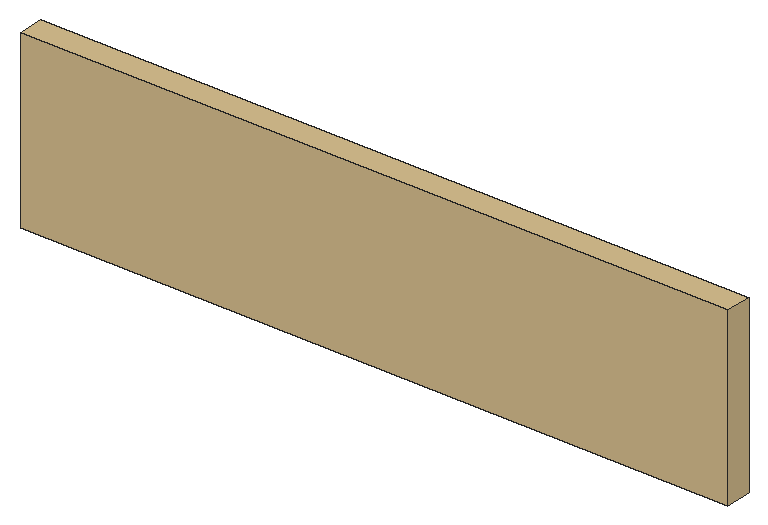
Revit family
Parameters (values of type "44X302")
  Start Extension Calculation [instance] = 3000 mm + Start Extension  # 3000 mm
  Start Extension [instance] = 0 mm
  Length [instance] = 1524 mm
  b = 44 mm
  d = 302 mm
  Keynote = "G20"
  End Extension Calculation [instance] = 3000 mm + End Extension  # 3000 mm
  End Extension [instance] = 0 mm
  Beam Material [instance] = Wood - Dimensional Lumber
Types (3, lengths in mm): name | b | d
  (no name) | 44 | 302
  44X302 | 44 | 302
  89X356 | 89 | 356
Reference planes
  plane 1 "Center (Front/Back)": y = 0
  plane 2: z = 0
  plane 3 "Center (Left/Right)": x = 4.61
  plane 4 "Member Left": x = -604.99
  plane 5 "Member Right": x = 614.21
  plane 6: y = 22
  plane 7: y = -22
  plane 8: z = 151
  plane 9: z = -151
  plane 10 "Left": x = -757.39
  plane 11 "Stick Symbol Left": x = -452.59
  plane 12 "Stick Symbol Right": x = 461.81
  plane 13 "Right": x = 766.61
  plane 14: x = -604.99
  plane 15: x = 614.21
  plane 16: x = 2395.01
  plane 17: x = -2385.79
Forms (mm)
  Sweep 1, solid, material "Wood - Dimensional Lumber" <- "Beam Material", detail levels medium+fine
    path origin (0, 0, 0) x (1, 0, 0) y (0, 1, 0)
      loop
        line (614.21, 0) -> (-604.99, 0)
    profile "M_Rectangular Wood Beam-Profile : M_Rectangular Wood Beam-Profile" origin (4.61, 0, 0) x (0, -1, 0) y (0, 0, 1)
      loop
        line (-22, -151) -> (22, -151) -> (22, 151) -> (-22, 151) -> (-22, -151)
Lines and regions (mm)
  symbolic lines, style "Stick Symbols", detail levels coarse
    curve 1: line (4.61, 22, 151) -> (4.61, -22, 151)
    curve 2: line (4.61, -22, -151) -> (4.61, 22, -151)
    curve 3: line (4.61, 22, -151) -> (4.61, 22, 151)
    curve 4: line (4.61, -22, 151) -> (4.61, -22, -151)
Dimensions and locks
  "b": plane 6 to plane 7
  "d": plane 9 to plane 8
  equal spacing: plane 9, plane 2, plane 8
  equal spacing: plane 6, plane 1 "Center (Front/Back)", plane 7
  "Length": plane 10 "Left" to plane 13 "Right"
  locked: plane 17 to plane 5 "Member Right" at 3000
  locked: plane 4 "Member Left" to plane 16 at 3000
  "Start Extension Calculation": plane 14 to plane 16
  "End Extension Calculation": plane 17 to plane 15
  aligned and locked: Sweep 1 sketch curve to plane 1 "Center (Front/Back)"
  aligned and locked: curve 1 to Sweep 1
  aligned and locked: curve 2 to Sweep 1
  aligned and locked: curve 3 to Sweep 1
  aligned and locked: curve 4 to Sweep 1
  aligned and locked: plane 14 to Sweep 1 sketch curve
  aligned and locked: plane 15 to Sweep 1 sketch curve
